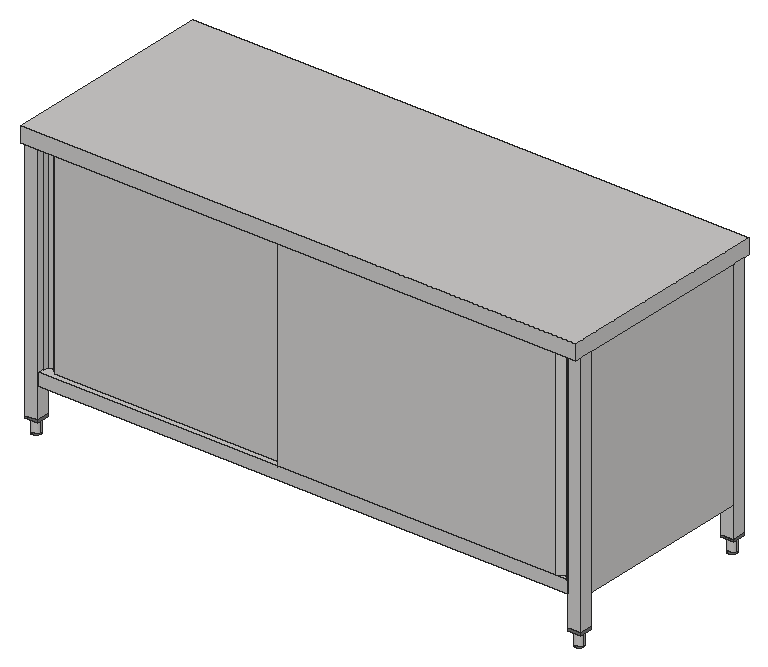
Revit family "QF_ELECTROLUXPROFESSIONAL_134031_GTN1800E", category Attrezzature speciali, Revit 2020
Family settings
  Quota connettore circolare = Usa diametro
  Tipo di parte = Normale
  Basato su piano di lavoro = No
  Sempre verticale = Sì
  Taglio con vuoti quando caricato = No
  Condiviso = No
  Punto di calcolo locali = No
Parameters (values of type "Standard")
  Weight = 93.00 kg
  Watts = 0 W
  Volts = 0 V
  URL Manufacturer = "https://www.electroluxprofessional.com/"
  URL = "https://www.electroluxprofessional.com/"
  Steam Supply Size = 0 mm
  Steam Supply Minimum Pressure = 0.0 Pa
  Steam Supply Maximum Pressure = 0.0 Pa
  Steam Consumption per Hour = 0
  Refrigeration Suction Line Size = 0.0 mm
  Refrigeration Liquid Line Size = 0.0 mm
  Refrigerant Compressor Remote = yes
  Prospetto di default = 0.0 mm
  Produttore = "Electrolux Professional"
  Phase = 0
  Modello = "GTN1800E"
  Length Actual = 1800.0 mm  # constant formula
  Item Number = "134031"
  Hot Water Size = 0 mm
  Height Actual = 900.0 mm  # constant formula
  HP = "0 HP"
  Gas Size = 0 mm
  Gas KW = 0
  Gas Input Pressure = 0 W
  Direct Waste Size = 0 mm
  Descrizione = "WORKTOP CUPBOARD 1800 MM"
  Depth Actual = 700.0 mm  # constant formula
  Cycle = 0 Hz
  Condensate Return Size = 0 mm
  Compressed Air Volume = 0.0 L/s
  Compressed Air Size = 0 mm
  Compressed Air Pressure = 0.0 Pa
  Cold Water Size = 0 mm
  Accessory = yes
Reference planes
  plane 1 "Center (Front/Back)": y = 0
  plane 2: z = 0
  plane 3 "Center (Left/Right)": x = -400
  plane 4 "LEFT": x = -1300
  plane 5 "RIGHT": x = 500
  plane 6 "BACK": y = 350
  plane 7 "FRONT": y = -350
  plane 8 "Base": z = 850
  plane 9 "TOP": z = 900
  plane 10: x = -1280
  plane 11: x = 480
  plane 12: y = 310
  plane 13: y = -310
  plane 14 "BodyLeft": x = -1300
  plane 15 "BodyFront": y = -330
  plane 16 "BodyRight": x = 500
  plane 17 "BodyBack": y = 330
  plane 18 "FEET": z = 150
  plane 19: x = -320
  plane 20: x = -480
Forms (mm)
  Extrusion 1, solid, material "QF_Finishes_Stainless Steel"
    sketch origin (-400, 0, 0) x (0, 1, 0) y (0, 0, 1)
      loop
        line (-350, 850) -> (350, 850) -> (350, 900) -> (-350, 900) -> (-350, 850)
    from 900 to -900
  Extrusion 2, solid, material "QF_Finishes_Stainless Steel"
    sketch origin (0, 0, 150) x (-1, 0, 0) y (0, -1, 0)
      loop
        line (1300, -290) -> (1300, 290) -> (1260, 290) -> (1260, -290) -> (1300, -290)
      loop
        line (-460, -290) -> (-460, 290) -> (-500, 290) -> (-500, -290) -> (-460, -290)
    from 0 to 700
  Extrusion 3, solid, material "QF_Finishes_Stainless Steel"
    sketch origin (0, 0, 150) x (-1, 0, 0) y (0, -1, 0)
      loop
        line (1260, -290) -> (1260, 330) -> (-460, 330) -> (-460, -290) -> (1260, -290)
    from 0 to 40
  Extrusion 4, solid, material "QF_Finishes_Stainless Steel"
    sketch origin (0, 0, 150) x (-1, 0, 0) y (0, -1, 0)
      loop
        line (1260, -290) -> (-460, -290) -> (-460, -330) -> (1260, -330) -> (1260, -290)
    from 0 to 700
  Extrusion 5, solid, material "QF_Finishes_Stainless Steel"
    sketch origin (0, 0, 150) x (-1, 0, 0) y (0, -1, 0)
      loop
        line (-460, 330) -> (-460, 310) -> (480, 310) -> (480, 330) -> (-420, 330) -> (-440, 315) -> (-455, 315) -> (-455, 330) -> (-460, 330)
    from 40 to 700
  Extrusion 6, solid, material "QF_Finishes_Stainless Steel"
    sketch origin (0, 20, 150) x (1, 0, 0) y (0, 1, 0)
      loop
        line (-1260, -330) -> (-1255, -330) -> (-1255, -315) -> (-1240, -315) -> (-1220, -330) -> (-320, -330) -> (-320, -310) -> (-1260, -310) -> (-1260, -330)
    from 40 to 700
  Extrusion 7, solid, material "QF_Finishes_Stainless Steel"
    sketch origin (0, 0, 150) x (-1, 0, 0) y (0, -1, 0)
      loop
        line (1260, 290) -> (-460, 290) -> (-460, -290) -> (1260, -290) -> (1260, 290)
    from 350 to 390
Lines and regions (mm)
  symbolic lines
    curve 1: line (500, 350, 900) -> (-1300, 350, 900)
    curve 2: line (-1300, 350, 900) -> (-1300, -350, 900)
    curve 3: line (-1300, -350, 900) -> (500, -350, 900)
    curve 4: line (500, -350, 900) -> (500, 350, 900)
  symbolic lines, style "SpecialityEquipmentHiddenLines"
    curve 5: line (-1300, 330, 150) -> (500, 330, 150)
    curve 6: line (-1300, -330, 150) -> (-1300, 330, 150)
    curve 7: line (500, -330, 150) -> (-1300, -330, 150)
    curve 8: line (500, 330, 150) -> (500, -330, 150)
    curve 9: line (-1260, -290, 150) -> (-320, -290, 150)
    curve 10: line (-320, -290, 150) -> (-320, -310, 150)
    curve 11: line (-1260, -310, 150) -> (460, -310, 150)
    curve 12: line (460, -310, 150) -> (460, -330, 150)
    curve 13: line (-480, -310, 150) -> (-480, -330, 150)
    curve 14: line (-1260, -290, 150) -> (-1260, -310, 150)
Dimensions and locks
  plane 4 "LEFT" to plane 5 "RIGHT" = 1800.0 mm
  equal spacing: plane 4 "LEFT", plane 3 "Center (Left/Right)", plane 5 "RIGHT"
  locked: plane 8 "Base" to level at 850
  plane 9 "TOP" to level = 900.0 mm
  plane 6 "BACK" to plane 7 "FRONT" = 700.0 mm
  equal spacing: plane 6 "BACK", plane 1 "Center (Front/Back)", plane 7 "FRONT"
  locked: plane 4 "LEFT" to plane 14 "BodyLeft"
  locked: plane 16 "BodyRight" to plane 5 "RIGHT"
  locked: plane 15 "BodyFront" to plane 7 "FRONT" at 20
  locked: plane 6 "BACK" to plane 17 "BodyBack" at 20
  locked: plane 14 "BodyLeft" to plane 10 at 20
  locked: plane 11 to plane 16 "BodyRight" at 20
  locked: plane 13 to plane 15 "BodyFront" at 20
  locked: plane 17 "BodyBack" to plane 12 at 20
  plane 10 to plane 11 = 1760.0 mm
  plane 12 to plane 13 = 620.0 mm
  locked: plane 14 "BodyLeft" to Extrusion 2 sketch curve at 40
  Extrusion 2 sketch curve to Extrusion 2 sketch curve = 40.0 mm
  locked: plane 3 "Center (Left/Right)" to plane 19 at 80
  locked: plane 20 to plane 3 "Center (Left/Right)" at 80
  locked: plane 18 "FEET" to plane 2 at 150
  aligned and locked: level to plane 2
  aligned and locked: plane 10 to nested 1
  aligned and locked: nested 1 to plane 13
  aligned and locked: plane 11 to nested 2
  aligned and locked: nested 2 to plane 13
  aligned and locked: plane 11 to nested 4
  aligned and locked: nested 4 to plane 12
  aligned and locked: plane 10 to nested 3
  aligned and locked: nested 3 to plane 12
  aligned and locked: Extrusion 1 to plane 4 "LEFT"
  aligned and locked: plane 5 "RIGHT" to Extrusion 1
  aligned and locked: curve 2 to plane 4 "LEFT"
  aligned and locked: Extrusion 2 sketch curve to plane 14 "BodyLeft"
  aligned and locked: plane 16 "BodyRight" to Extrusion 2 sketch curve
  aligned and locked: plane 8 "Base" to Extrusion 2
  aligned and locked: plane 8 "Base" to Extrusion 5
  aligned and locked: Extrusion 5 to Extrusion 3
  aligned and locked: Extrusion 6 sketch curve to plane 19
  aligned and locked: Extrusion 5 sketch curve to plane 20
  aligned and locked: Extrusion 1 to plane 8 "Base"
  aligned and locked: plane 9 "TOP" to Extrusion 1
  aligned and locked: curve 5 to plane 17 "BodyBack"
  aligned and locked: plane 14 "BodyLeft" to curve 6
  aligned and locked: plane 15 "BodyFront" to curve 7
  aligned and locked: plane 16 "BodyRight" to curve 8
  aligned and locked: Extrusion 3 sketch curve to Extrusion 2  (x2)
  aligned and locked: Extrusion 2 to Extrusion 4 sketch curve  (x2)
  aligned and locked: curve 7 to Extrusion 3 sketch curve
  aligned and locked: Extrusion 3 sketch curve to Extrusion 4
  aligned and locked: Extrusion 4 to plane 18 "FEET"
Automatic sketch dimensions
  curve 3 to plane 7 "FRONT" = 0.0 mm
  curve 4 to plane 6 "BACK" = 0.0 mm
  Extrusion 1 sketch curve to plane 7 "FRONT" = 0.0 mm
  plane 9 "TOP" to Extrusion 1 sketch curve = 0.0 mm
  Extrusion 1 sketch curve to plane 6 "BACK" = 0.0 mm
  Extrusion 1 sketch curve to plane 8 "Base" = 0.0 mm
  Extrusion 5 sketch curve to plane 15 "BodyFront" = 0.0 mm  (x2)
  Extrusion 5 sketch curve to plane 11 = 20.0 mm
  Extrusion 5 sketch curve to Extrusion 5 sketch curve = 5.0 mm
  Extrusion 5 sketch curve to Extrusion 5 sketch curve = 15.0 mm
  Extrusion 5 sketch curve to Extrusion 5 sketch curve = 20.0 mm
  plane 15 "BodyFront" to Extrusion 5 sketch curve = 15.0 mm
  plane 15 "BodyFront" to Extrusion 5 sketch curve = 20.0 mm
  Extrusion 6 sketch curve to plane 15 "BodyFront" = 20.0 mm  (x2)
  Extrusion 6 sketch curve to plane 10 = 20.0 mm
  Extrusion 6 sketch curve to Extrusion 6 sketch curve = 5.0 mm
  Extrusion 6 sketch curve to Extrusion 6 sketch curve = 15.0 mm
  Extrusion 6 sketch curve to Extrusion 6 sketch curve = 20.0 mm  (x2)
  Extrusion 6 sketch curve to plane 15 "BodyFront" = 35.0 mm
  curve 10 to plane 19 = 0.0 mm
  curve 13 to plane 20 = 0.0 mm
  curve 11 to plane 11 = 20.0 mm
  plane 15 "BodyFront" to curve 9 = 40.0 mm
  curve 12 to curve 12 = 20.0 mm
  plane 10 to curve 14 = 20.0 mm
  Extrusion 4 sketch curve to plane 12 = 20.0 mm
  plane 13 to Extrusion 2 sketch curve = 20.0 mm  (x2)
  Extrusion 2 sketch curve to plane 12 = 20.0 mm  (x2)
  Extrusion 4 sketch curve to plane 17 "BodyBack" = 0.0 mm
  Extrusion 7 sketch curve to plane 11 = 20.0 mm
  plane 10 to Extrusion 7 sketch curve = 20.0 mm
  Extrusion 7 sketch curve to plane 12 = 20.0 mm
  plane 13 to Extrusion 7 sketch curve = 20.0 mm
  curve 4 to plane 5 "RIGHT" = 0.0 mm
Nested families
  nested 1: "FEET_40x40_APP50" at (-1280, -310, 0), type "FEET_40x40_APP50"
  nested 2: "FEET_40x40_APP50" at (480, -310, 0), type "FEET_40x40_APP50"
  nested 3: "FEET_40x40_APP50" at (-1280, 310, 0), type "FEET_40x40_APP50"
  nested 4: "FEET_40x40_APP50" at (480, 310, 0), type "FEET_40x40_APP50"
Definition of nested family "FEET_40x40_APP50"
  Parameters
    Default Elevation = 0.0 mm
    FEET = 850.0 mm
  Reference planes
    plane 1 "Center (Front/Back)": y = 0
    plane 2: z = 0
    plane 3 "Center (Left/Right)": x = 0
    plane 4: z = 850
  Forms (mm)
    Extrusion 1, solid
      sketch origin (0, 0, 0) x (1, 0, 0) y (0, 1, 0)
        loop
          line (-20, -20) -> (20, -20) -> (20, 20) -> (-20, 20) -> (-20, -20)
      from 50 to 850
    Extrusion 2, solid
      sketch origin (0, 0, 0) x (1, 0, 0) y (0, 1, 0)
        loop
          circle (0, 0) r 15
      from 0 to 5
    Extrusion 3, solid
      sketch origin (0, 0, 0) x (1, 0, 0) y (0, 1, 0)
        loop
          line (-20, -20) -> (20, -20) -> (20, 20) -> (-20, 20) -> (-20, -20)
      from 50 to 42
    Extrusion 4, solid
      sketch origin (0, 0, 0) x (1, 0, 0) y (0, 1, 0)
        loop
          circle (0, 0) r 15
      from 5 to 42
  Lines and regions (mm)
    symbolic lines
      curve 1: line (0, -1.503, 0) -> (0, 1.508, 0)
      curve 2: line (1.561, 0, 0) -> (-1.439, 0, 0)
  Dimensions and locks
    "FEET": plane 4 to plane 2
    aligned and locked: level to plane 2
  Automatic sketch dimensions
    plane 1 "Center (Front/Back)" to curve 2 = 0.0 mm
    curve 1 to plane 3 "Center (Left/Right)" = 0.0 mm
    curve 2 to plane 3 "Center (Left/Right)" = 1.439 mm
    plane 3 "Center (Left/Right)" to curve 2 = 1.561 mm
    plane 1 "Center (Front/Back)" to curve 1 = 1.503 mm
    curve 1 to plane 1 "Center (Front/Back)" = 1.508 mm
    Extrusion 1 sketch curve to plane 3 "Center (Left/Right)" = 20.0 mm
    plane 3 "Center (Left/Right)" to Extrusion 1 sketch curve = 20.0 mm
    plane 1 "Center (Front/Back)" to Extrusion 1 sketch curve = 20.0 mm
    Extrusion 1 sketch curve to plane 1 "Center (Front/Back)" = 20.0 mm
    plane 1 "Center (Front/Back)" to Extrusion 2 sketch curve = 0.0 mm
    Extrusion 2 sketch curve to plane 3 "Center (Left/Right)" = 0.0 mm
    Extrusion 3 sketch curve to plane 3 "Center (Left/Right)" = 20.0 mm
    plane 3 "Center (Left/Right)" to Extrusion 3 sketch curve = 20.0 mm
    plane 1 "Center (Front/Back)" to Extrusion 3 sketch curve = 20.0 mm
    Extrusion 3 sketch curve to plane 1 "Center (Front/Back)" = 20.0 mm
    plane 1 "Center (Front/Back)" to Extrusion 4 sketch curve = 0.0 mm
    Extrusion 4 sketch curve to plane 3 "Center (Left/Right)" = 0.0 mm
    radius of Extrusion 2 sketch curve = 15.0 mm
    radius of Extrusion 4 sketch curve = 15.0 mm
